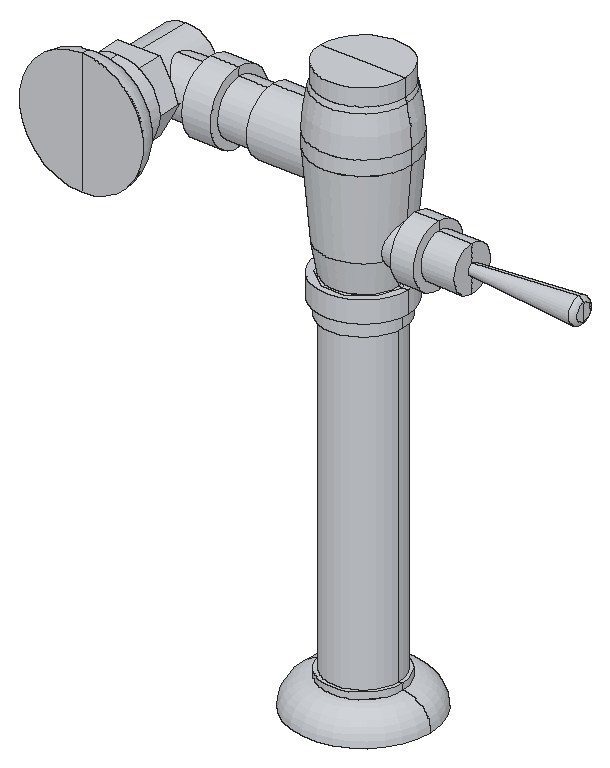
Revit family "707210001_Fluxómetro Palanca Sanitario", category Plumbing Fixtures, host Wall, Revit 2019
Family settings
  Host = Wall
  Round Connector Dimension = Use Diameter
  Part Type = Normal
  OmniClass Number = 23.45.55.11
  OmniClass Title = Sanitary Components
  Always vertical = Yes
  Cut with Voids When Loaded = No
  Shared = No
  Room Calculation Point = No
Parameters (values of type "Type 1")
  URL = "https://corona.co/productos/griferias/griferias-institucionales/fluxometro-palanca-sanitario/p/707210001"
  Referencia = "707210001"  # constant formula
  Profundidad = 97 mm
  Presion minima = "35 psi"  # constant formula
  Presion maxima = "80 psi"  # constant formula
  Peso Neto aprox = "2,130 gr. 4,6959 lb"  # constant formula
  Peso Bruto aprox = "2,370 gr. 5,2250 lb"  # constant formula
  Material = Corona_Acero
  Garantía = "3 años"  # constant formula
  Fecha de creación = "31/07/2020"  # constant formula
  Fabricante = "Corona"  # constant formula
  Dimensiones generales producto (H * W * D) = "329 x 85 x 291 mm.\r\n13 x 3 x 11 pulg."  # constant formula
  Creado por = "IDD"  # constant formula
  Capacidad de flujo = "4,7 L/min a 50 PSI"  # constant formula
  Ancho = 288.974 mm
  Alto = 342 mm
Reference planes
  plane 1: y = 0
  plane 2 "Center (Left/Right)": x = 125
  plane 3 "Back": y = 75
  plane 4: z = 360
  plane 5: z = 652
  plane 6: x = 4
  plane 7: y = 132
  plane 8: z = 702
  plane 9: x = 256.099
  plane 10: x = -32.875
  plane 11: y = 172
Forms (mm)
  Revolve 1, solid, detail levels medium+fine
    sketch origin (0, 132, 40) x (1, 0, 0) y (0, 0, 1)
      loop
        line (146.148, 340.384) -> (146.148, 528.821) -> (148.528, 528.821) -> (148.528, 537.673) -> (151.757, 537.673) -> (151.757, 550.195) -> (148.528, 550.195) -> (146.148, 550.195) -> (149.455, 568.289)
        arc (149.455, 568.289) -> (152.773, 592.612) -> (153.882, 617.135) r 271.686
        line (153.882, 617.135) -> (153.882, 625.918)
        arc (153.882, 625.918) -> (153.129, 637.412) -> (150.882, 648.709) r 88.06
        line (150.882, 648.709) -> (150, 652) -> (150, 662) -> (125, 662) -> (125, 320) -> (165, 320)
        arc (165, 320) -> (160.132, 331.752) -> (148.38, 336.62) r 16.62
        line (148.38, 336.62) -> (148.38, 340.384) -> (146.148, 340.384)
      axis (125, 320) -> (125, 662)
    angle from 0 to 360
  Revolve 2, solid, detail levels medium+fine
    sketch origin (0, 132, 0) x (1, 0, 0) y (0, 0, 1)
      loop
        line (143.245, 601.411) -> (155.82, 601.411) -> (155.82, 596.411) -> (169.474, 596.411) -> (169.474, 601.411) -> (189.474, 601.411) -> (189.474, 611.411) -> (252.774, 606.985)
        arc (252.774, 606.985) -> (254.431, 608.032) -> (255.478, 609.689) r 4.458
        line (255.478, 609.689) -> (255.478, 614.614) -> (143.245, 614.614) -> (143.245, 601.411)
      axis (255.478, 614.614) -> (143.245, 614.614)
    angle from 0 to 360
  Revolve 3, solid, detail levels medium+fine
    sketch origin (0, 132, 0) x (1, 0, 0) y (0, 0, 1)
      loop
        line (125, 652) -> (125, 671.375) -> (71.523, 671.375) -> (71.523, 668.314) -> (51.523, 668.314) -> (51.523, 673.314) -> (34.635, 673.314) -> (34.635, 668.314) -> (4, 668.314) -> (4, 652) -> (125, 652)
      axis (125, 652) -> (4, 652)
    angle from 0 to 360
  Revolve 4, solid, detail levels medium+fine
    sketch origin (4, 0, 0) x (0, 1, 0) y (0, 0, 1)
      loop
        line (75, 652) -> (158.314, 652) -> (158.314, 663.664) -> (153.289, 663.664)
        arc (153.289, 663.664) -> (153.055, 667.596) -> (151.944, 671.375) r 17.426
        line (151.944, 671.375) -> (117.167, 671.375) -> (117.167, 676.439) -> (91.753, 676.439)
        arc (91.753, 676.439) -> (85.225, 685.147) -> (75, 688.875) r 19.099
        line (75, 688.875) -> (75, 652)
      axis (75, 652) -> (158.314, 652)
    angle from 0 to 360
  Extrusion 5, void
    sketch origin (0, 75, 0) x (1, 0, 0) y (0, 0, 1)
      loop
        line (-8.22, 673.165) -> (-20.439, 652) -> (-8.22, 630.835) -> (16.22, 630.835) -> (28.439, 652) -> (16.22, 673.165) -> (-8.22, 673.165)
      loop
        line (-10.446, 677.022) -> (-24.893, 652) -> (-10.446, 626.978) -> (18.446, 626.978) -> (32.893, 652) -> (18.446, 677.022) -> (-10.446, 677.022)
    from -42.167 to -26.785
  Extrusion 6, void
    sketch origin (0, 75, 0) x (1, 0, 0) y (0, 0, 1)
      loop
        line (-1.832, 662.101) -> (-7.664, 652) -> (-1.832, 641.899) -> (9.832, 641.899) -> (15.664, 652) -> (9.832, 662.101) -> (-1.832, 662.101)
      loop
        line (-3.5, 664.99) -> (-11, 652) -> (-3.5, 639.01) -> (11.5, 639.01) -> (19, 652) -> (11.5, 664.99) -> (-3.5, 664.99)
    from -87.017 to -79.322
  Extrusion 7, solid, material "Cubo", detail levels coarse
    sketch origin (0, 0, 0) x (1, 0, 0) y (0, 1, 0)
      loop
        line (-32.875, 172) -> (-32.875, 75) -> (256.099, 75) -> (256.099, 172) -> (-32.875, 172)
    from 360 to 702
Cuts and joins
  Extrusion 5, Extrusion 6 cuts Revolve 4
Text (mm)
  text "Placement side" at (-1787.139, 592.35, 0), in view "Ref. Level"
  text "Placement side" at (0, 1827.695, 2917.686), in view "Left"
  text "Placement side" at (0, 562.268, 3853.606), in view "Right"
Dimensions and locks
  locked: plane 3 "Back" to host wall at 0
  plane 4 to plane 5 = 292 mm
  level to plane 4 = 360 mm
  plane 3 "Back" to plane 7 = 57 mm  (x2)
  plane 5 to plane 4 = 292 mm
  "Alto": plane 4 to plane 8
  "Ancho": plane 10 to plane 9
  "Profundidad": plane 3 "Back" to plane 11
  plane 10 to plane 9 = 288.974 mm
  aligned and locked: host wall to plane 1
Automatic sketch dimensions
  Revolve 1 sketch curve to plane 2 "Center (Left/Right)" = 0 mm  (x2)
  Revolve 1 sketch curve to plane 4 = 0 mm
  Revolve 1 sketch curve to plane 8 = 0 mm
  plane 5 to Revolve 1 sketch curve = 13.918 mm
  Revolve 1 sketch curve to plane 2 "Center (Left/Right)" = 59.178 mm
  plane 5 to Revolve 1 sketch curve = 5.135 mm
  Revolve 1 sketch curve to plane 6 = 121.804 mm
  plane 2 "Center (Left/Right)" to Revolve 1 sketch curve = 21.148 mm  (x2)
  Revolve 1 sketch curve to Revolve 1 sketch curve = 2.232 mm
  Revolve 1 sketch curve to Revolve 1 sketch curve = 2.38 mm  (x2)
  Revolve 1 sketch curve to Revolve 1 sketch curve = 0.927 mm
  Revolve 1 sketch curve to plane 8 = 10 mm
  plane 2 "Center (Left/Right)" to Revolve 1 sketch curve = 25 mm
  Revolve 1 sketch curve to plane 8 = 13.291 mm
  Revolve 1 sketch curve to Revolve 1 sketch curve = 0.882 mm
  Revolve 1 sketch curve to Revolve 1 sketch curve = 3.229 mm
  Revolve 1 sketch curve to Revolve 1 sketch curve = 16.62 mm
  Revolve 1 sketch curve to Revolve 1 sketch curve = 3.764 mm
  Revolve 1 sketch curve to Revolve 1 sketch curve = 39.468 mm
  Revolve 1 sketch curve to Revolve 1 sketch curve = 8.852 mm
  Revolve 1 sketch curve to Revolve 1 sketch curve = 12.521 mm
  Revolve 1 sketch curve to Revolve 1 sketch curve = 19.616 mm
  Revolve 1 sketch curve to Revolve 1 sketch curve = 48 mm
  Revolve 3 sketch curve to plane 5 = 0 mm  (x2)
  Revolve 3 sketch curve to plane 6 = 0 mm  (x2)
  Revolve 3 sketch curve to plane 2 "Center (Left/Right)" = 0 mm  (x2)
  plane 6 to Revolve 3 sketch curve = 30.635 mm
  Revolve 3 sketch curve to Revolve 3 sketch curve = 16.888 mm
  Revolve 3 sketch curve to Revolve 3 sketch curve = 20 mm
  Revolve 3 sketch curve to Revolve 3 sketch curve = 16.314 mm
  plane 5 to Revolve 3 sketch curve = 16.314 mm
  plane 5 to Revolve 3 sketch curve = 19.375 mm
  Revolve 3 sketch curve to Revolve 3 sketch curve = 5 mm
  Revolve 4 sketch curve to plane 5 = 0 mm  (x2)
  Revolve 4 sketch curve to host wall = 0 mm
  Revolve 4 sketch curve to host wall = 1.159 mm
  host wall to Revolve 4 sketch curve = 16.753 mm
  Revolve 4 sketch curve to plane 7 = 14.833 mm
  plane 7 to Revolve 4 sketch curve = 3.888 mm
  Revolve 4 sketch curve to Revolve 4 sketch curve = 16.056 mm
  Revolve 4 sketch curve to Revolve 4 sketch curve = 1.345 mm
  Revolve 4 sketch curve to Revolve 4 sketch curve = 5.025 mm
  plane 5 to Revolve 4 sketch curve = 11.664 mm
  plane 5 to Revolve 4 sketch curve = 12.601 mm
  plane 5 to Revolve 4 sketch curve = 17.812 mm
  Revolve 4 sketch curve to Revolve 4 sketch curve = 6.628 mm
  Revolve 4 sketch curve to host wall = 30 mm
  Revolve 4 sketch curve to Revolve 4 sketch curve = 91.686 mm
  Extrusion 5 sketch curve to plane 5 = 0 mm  (x4)
  Extrusion 5 sketch curve to plane 6 = 28.893 mm
  Extrusion 5 sketch curve to Extrusion 5 sketch curve = 4.453 mm  (x2)
  Extrusion 5 sketch curve to plane 6 = 14.446 mm  (x2)
  Extrusion 5 sketch curve to Extrusion 5 sketch curve = 2.227 mm  (x4)
  plane 6 to Extrusion 5 sketch curve = 12.22 mm  (x2)
  plane 6 to Extrusion 5 sketch curve = 24.439 mm
  Extrusion 5 sketch curve to plane 5 = 21.165 mm
  Extrusion 5 sketch curve to Extrusion 5 sketch curve = 3.857 mm  (x2)
  plane 5 to Extrusion 5 sketch curve = 21.165 mm
  Extrusion 6 sketch curve to plane 5 = 0 mm  (x4)
  Extrusion 6 sketch curve to plane 6 = 15 mm
  Extrusion 6 sketch curve to Extrusion 6 sketch curve = 3.336 mm  (x2)
  Extrusion 6 sketch curve to plane 6 = 7.5 mm  (x2)
  Extrusion 6 sketch curve to Extrusion 6 sketch curve = 1.668 mm  (x4)
  plane 6 to Extrusion 6 sketch curve = 5.832 mm  (x2)
  plane 6 to Extrusion 6 sketch curve = 11.664 mm
  Extrusion 6 sketch curve to plane 5 = 10.101 mm
  Extrusion 6 sketch curve to Extrusion 6 sketch curve = 2.889 mm  (x2)
  plane 5 to Extrusion 6 sketch curve = 10.101 mm
  Revolve 2 sketch curve to plane 2 "Center (Left/Right)" = 0 mm
  plane 2 "Center (Left/Right)" to Revolve 2 sketch curve = 18.245 mm
  Revolve 2 sketch curve to Revolve 2 sketch curve = 12.576 mm
  Revolve 2 sketch curve to Revolve 2 sketch curve = 13.653 mm
  Revolve 2 sketch curve to Revolve 2 sketch curve = 20 mm
  Revolve 2 sketch curve to plane 9 = 4.82 mm
  Revolve 2 sketch curve to plane 9 = 3.325 mm
  Revolve 2 sketch curve to plane 9 = 0.621 mm
  Revolve 2 sketch curve to plane 5 = 55.589 mm
  Revolve 2 sketch curve to Revolve 2 sketch curve = 5 mm  (x2)
  Revolve 2 sketch curve to plane 5 = 45.015 mm
  Revolve 2 sketch curve to Revolve 2 sketch curve = 2.704 mm
  Revolve 2 sketch curve to Revolve 2 sketch curve = 10 mm
  Revolve 2 sketch curve to Revolve 2 sketch curve = 4.925 mm
  plane 9 to Revolve 2 sketch curve = 10 mm
  Revolve 2 sketch curve to Revolve 2 sketch curve = 0 mm
  Extrusion 7 sketch curve to host wall = 0 mm
  Extrusion 7 sketch curve to plane 10 = 0 mm
  Extrusion 7 sketch curve to plane 9 = 0 mm
  Extrusion 7 sketch curve to plane 11 = 0 mm
Nested families
  nested 1: "Family2" at (-33, 75, 360) x (-1, 0, 0) z (0, -1, 0), type "Family2", detail levels coarse
  nested 2: "Family3" at (125, 252.284, 360) x (0, 1, 0) z (1, 0, 0), type "Family3", detail levels coarse
Connectors
  piping at (4, 75, 652), diameter 40
    settings: on cut or joined group of Revolve 4, Extrusion 5, Extrusion 6, index 1, connector inside diameter 609.6 mm, connector length 0 mm, flow factor 0, pipe flow 0.0 L/s, pressure drop 0.0 Pa, fitting loss kfactor 0, connector angle 0.00°, fixture units 0, engagement length 0 mm, angle of deflection 0.00°, flow configuration 0, flow direction 0, fitting loss method 0, system type 20, joint type 0, gender type 0, connector reference index -1, connector utility 0, adjustable connector no, is connector primary yes, connector description ""
Definition of nested family "Family2"
  Reference planes
    plane 1 "Center (Front/Back)": y = 0
    plane 2: z = 0
    plane 3 "Center (Left/Right)": x = 0
    plane 4: y = 342
    plane 5: x = -289
    plane 6: y = 292
    plane 7: x = -158
  Lines and regions (mm)
    detail lines, in view "Ref. Level"
      curve 1: line (-158, 342, 0) -> (-183, 342, 0)
      curve 2: line (-183, 342, 0) -> (-183, 333.62, 0)
      curve 3: line (-183, 333.62, 0) -> (-183.227, 332.774, 0)
      curve 4: line (-186.882, 305.008, 0) -> (-186.882, 271.262, 0)
      curve 5: line (-179.601, 229.966, 0) -> (-183.514, 229.966, 0)
      curve 6: line (-183.514, 229.966, 0) -> (-183.514, 218.136, 0)
      curve 7: line (-183.514, 218.136, 0) -> (-181.183, 218.136, 0)
      curve 8: line (-181.183, 218.136, 0) -> (-178.594, 208.477, 0)
      curve 9: line (-178.594, 208.477, 0) -> (-178.594, 15.822, 0)
      curve 10: line (-158, 342, 0) -> (-133, 342, 0)
      curve 11: line (-133, 342, 0) -> (-133, 333.62, 0)
      curve 12: line (-133, 333.62, 0) -> (-129.118, 319.132, 0)
      curve 13: line (-129.118, 319.132, 0) -> (-129.118, 271.262, 0)
      curve 14: line (-129.118, 271.262, 0) -> (-136.399, 229.966, 0)
      curve 15: line (-136.399, 229.966, 0) -> (-132.486, 229.966, 0)
      curve 16: line (-132.486, 229.966, 0) -> (-132.486, 218.136, 0)
      curve 17: line (-132.486, 218.136, 0) -> (-134.817, 218.136, 0)
      curve 18: line (-134.817, 218.136, 0) -> (-137.406, 208.477, 0)
      curve 19: line (-137.406, 208.477, 0) -> (-137.406, 15.822, 0)
      curve 20: arc (-183.227, 332.774, 0) -> (-185.965, 319.011, 0) -> (-186.882, 305.008, 0) r 107.278
      curve 21: line (-129.118, 317, 0) -> (-106.041, 317, 0)
      curve 22: line (-106.041, 317, 0) -> (-106.041, 278.606, 0)
      curve 23: line (-106.041, 278.606, 0) -> (-129.118, 278.606, 0)
      curve 24: line (-106.041, 314.858, 0) -> (-86.041, 314.858, 0)
      curve 25: line (-86.041, 314.858, 0) -> (-86.041, 280.981, 0)
      curve 26: line (-86.041, 280.981, 0) -> (-106.041, 280.981, 0)
      curve 27: line (-86.041, 314.858, 0) -> (-86.041, 319.858, 0)
      curve 28: line (-86.041, 319.858, 0) -> (-67.165, 319.858, 0)
      curve 29: line (-67.165, 319.858, 0) -> (-67.165, 274.858, 0)
      curve 30: line (-67.165, 274.858, 0) -> (-86.041, 274.858, 0)
      curve 31: line (-86.041, 274.858, 0) -> (-86.041, 280.981, 0)
      curve 32: line (-86.041, 297.919, 0) -> (-67.165, 297.919, 0)
      curve 33: circle (-37.716, 295.224, 0) r 10 normal (0, 0, 1)
      curve 34: line (-20.178, 295.224, 0) -> (-28.947, 310.413, 0)
      curve 35: line (-28.947, 310.413, 0) -> (-46.485, 310.413, 0)
      curve 36: line (-46.485, 310.413, 0) -> (-55.254, 295.224, 0)
      curve 37: line (-55.254, 295.224, 0) -> (-46.485, 280.036, 0)
      curve 38: line (-46.485, 280.036, 0) -> (-28.947, 280.036, 0)
      curve 39: line (-28.947, 280.036, 0) -> (-20.178, 295.224, 0)
      curve 40: line (-12.716, 295.224, 0) -> (-25.216, 316.875, 0)
      curve 41: line (-25.216, 316.875, 0) -> (-50.216, 316.875, 0)
      curve 42: line (-50.216, 316.875, 0) -> (-62.716, 295.224, 0)
      curve 43: line (-62.716, 295.224, 0) -> (-50.216, 273.574, 0)
      curve 44: line (-50.216, 273.574, 0) -> (-25.216, 273.574, 0)
      curve 45: line (-25.216, 273.574, 0) -> (-12.716, 295.224, 0)
      curve 46: circle (-37.716, 295.224, 0) r 29.449 normal (0, 0, 1)
      curve 47: arc (-69.623, 274.858, 0) -> (0.079, 293.12, 0) -> (-67.165, 319.008, 0) r 37.854
      curve 48: line (-179.601, 229.966, 0) -> (-136.399, 229.966, 0)
      curve 49: line (-134.817, 218.136, 0) -> (-181.183, 218.136, 0)
      curve 50: line (-178.594, 208.477, 0) -> (-137.406, 208.477, 0)
      curve 51: line (-170.129, 218.136, 0) -> (-170.129, 229.966, 0)
      curve 52: line (-147.486, 229.966, 0) -> (-147.486, 218.136, 0)
      curve 53: arc (-182.061, 243.92, 0) -> (-178.946, 258.565, 0) -> (-186.882, 271.262, 0) r 19.978
      curve 54: line (-182.061, 243.92, 0) -> (-179.601, 229.966, 0)
      curve 55: line (-182.061, 243.92, 0) -> (-189.773, 243.92, 0)
      curve 56: line (-189.773, 243.92, 0) -> (-189.773, 237.909, 0)
      curve 57: line (-189.773, 237.909, 0) -> (-201.966, 237.909, 0)
      curve 58: line (-201.966, 237.909, 0) -> (-201.966, 274.792, 0)
      curve 59: line (-201.966, 274.792, 0) -> (-189.773, 274.792, 0)
      curve 60: line (-189.773, 274.792, 0) -> (-189.773, 271.262, 0)
      curve 61: line (-186.882, 271.262, 0) -> (-189.773, 271.262, 0)
      curve 62: line (-201.966, 271.262, 0) -> (-221.966, 271.262, 0)
      curve 63: line (-221.966, 271.262, 0) -> (-221.966, 240.287, 0)
      curve 64: line (-221.966, 240.287, 0) -> (-201.966, 240.287, 0)
      curve 65: line (-221.966, 261.262, 0) -> (-285.768, 265.723, 0)
      curve 66: line (-285.768, 247.866, 0) -> (-221.966, 252.328, 0)
      curve 67: arc (-285.768, 247.866, 0) -> (-289.001, 256.795, 0) -> (-285.768, 265.723, 0) r 13.945
      curve 68: line (-189.773, 271.262, 0) -> (-189.773, 243.92, 0)
      curve 69: line (-201.966, 256.35, 0) -> (-189.773, 256.35, 0)
      curve 70: arc (-200.092, 0, 0) -> (-195.458, 11.188, 0) -> (-184.271, 15.822, 0) r 15.822
      curve 71: line (-184.271, 15.822, 0) -> (-178.594, 15.822, 0)
      curve 72: line (-200.092, 0, 0) -> (-115.908, 0, 0)
      curve 73: arc (-115.908, 0, 0) -> (-120.542, 11.188, 0) -> (-131.729, 15.822, 0) r 15.822
      curve 74: line (-131.729, 15.822, 0) -> (-137.406, 15.822, 0)
      curve 75: line (-133, 333.62, 0) -> (-183, 333.62, 0)
      curve 76: line (-178.594, 15.822, 0) -> (-137.406, 15.822, 0)
      curve 77: line (-137.406, 19.344, 0) -> (-178.594, 19.344, 0)
Definition of nested family "Family3"
  Reference planes
    plane 1 "Center (Front/Back)": y = 0
    plane 2: z = 0
    plane 3 "Center (Left/Right)": x = 0
    plane 4: y = 342
    plane 5: y = 292
    plane 6: x = -120.284
    plane 7: x = -177.284
    plane 8: y = 251.4
  Lines and regions (mm)
    detail lines, in view "Ref. Level"
      curve 1: line (-120.284, 342, 0) -> (-145.284, 342, 0)
      curve 2: line (-145.284, 342, 0) -> (-145.284, 333.62, 0)
      curve 3: line (-145.284, 333.62, 0) -> (-145.511, 332.774, 0)
      curve 4: line (-149.166, 305.008, 0) -> (-149.166, 271.262, 0)
      curve 5: line (-141.885, 229.966, 0) -> (-145.798, 229.966, 0)
      curve 6: line (-145.798, 229.966, 0) -> (-145.798, 218.136, 0)
      curve 7: line (-145.798, 218.136, 0) -> (-143.467, 218.136, 0)
      curve 8: line (-143.467, 218.136, 0) -> (-140.878, 208.477, 0)
      curve 9: line (-140.878, 208.477, 0) -> (-140.878, 15.822, 0)
      curve 10: line (-120.284, 342, 0) -> (-95.284, 342, 0)
      curve 11: line (-95.284, 342, 0) -> (-95.284, 333.62, 0)
      curve 12: line (-95.284, 333.62, 0) -> (-91.402, 319.132, 0)
      curve 13: line (-91.402, 319.132, 0) -> (-91.402, 271.262, 0)
      curve 14: line (-91.402, 271.262, 0) -> (-98.683, 229.966, 0)
      curve 15: line (-98.683, 229.966, 0) -> (-94.77, 229.966, 0)
      curve 16: line (-94.77, 229.966, 0) -> (-94.77, 218.136, 0)
      curve 17: line (-94.77, 218.136, 0) -> (-97.101, 218.136, 0)
      curve 18: line (-97.101, 218.136, 0) -> (-99.69, 208.477, 0)
      curve 19: line (-99.69, 208.477, 0) -> (-99.69, 15.822, 0)
      curve 20: arc (-145.511, 332.774, 0) -> (-148.249, 319.011, 0) -> (-149.166, 305.008, 0) r 107.278
      curve 21: line (-141.885, 229.966, 0) -> (-98.683, 229.966, 0)
      curve 22: line (-97.101, 218.136, 0) -> (-143.467, 218.136, 0)
      curve 23: line (-140.878, 208.477, 0) -> (-99.69, 208.477, 0)
      curve 24: line (-132.413, 218.136, 0) -> (-132.413, 229.966, 0)
      curve 25: line (-109.77, 229.966, 0) -> (-109.77, 218.136, 0)
      curve 26: line (-149.166, 271.262, 0) -> (-141.885, 229.966, 0)
      curve 27: arc (-162.376, 0, 0) -> (-157.742, 11.188, 0) -> (-146.555, 15.822, 0) r 15.822
      curve 28: line (-146.555, 15.822, 0) -> (-140.878, 15.822, 0)
      curve 29: line (-162.376, 0, 0) -> (-78.192, 0, 0)
      curve 30: arc (-78.192, 0, 0) -> (-82.826, 11.188, 0) -> (-94.013, 15.822, 0) r 15.822
      curve 31: line (-94.013, 15.822, 0) -> (-99.69, 15.822, 0)
      curve 32: line (-95.284, 333.62, 0) -> (-145.284, 333.62, 0)
      curve 33: line (-140.878, 15.822, 0) -> (-99.69, 15.822, 0)
      curve 34: line (-99.69, 19.344, 0) -> (-140.878, 19.344, 0)
      curve 35: line (-177.284, 292, 0) -> (-177.284, 327, 0)
      curve 36: arc (-177.284, 327, 0) -> (-165.17, 322.546, 0) -> (-156.943, 312.601, 0) r 24.763
      curve 37: line (-156.943, 312.601, 0) -> (-151.218, 312.601, 0)
      curve 38: line (-151.218, 312.601, 0) -> (-151.218, 308.59, 0)
      curve 39: line (-151.218, 308.59, 0) -> (-149.106, 308.59, 0)
      curve 40: line (-177.284, 292, 0) -> (-177.284, 257, 0)
      curve 41: arc (-177.284, 257, 0) -> (-165.17, 261.454, 0) -> (-156.943, 271.399, 0) r 24.763
      curve 42: line (-156.943, 271.399, 0) -> (-151.218, 271.399, 0)
      curve 43: line (-151.218, 271.399, 0) -> (-151.218, 275.41, 0)
      curve 44: line (-151.218, 275.41, 0) -> (-149.166, 277.462, 0)
      curve 45: line (-151.218, 308.59, 0) -> (-151.218, 275.41, 0)
      curve 46: line (-151.218, 302.133, 0) -> (-149.166, 302.133, 0)
      curve 47: line (-151.218, 278.606, 0) -> (-149.166, 278.606, 0)
      curve 48: circle (-120.284, 251.4, 0) r 8.986 normal (0, 0, 1)
      curve 49: line (-111.726, 266.222, 0) -> (-128.842, 266.222, 0)
      curve 50: line (-128.842, 266.222, 0) -> (-137.399, 251.4, 0)
      curve 51: line (-137.399, 251.4, 0) -> (-128.842, 236.578, 0)
      curve 52: line (-128.842, 236.578, 0) -> (-111.726, 236.578, 0)
      curve 53: line (-111.726, 236.578, 0) -> (-103.169, 251.4, 0)
      curve 54: line (-103.169, 251.4, 0) -> (-111.726, 266.222, 0)
